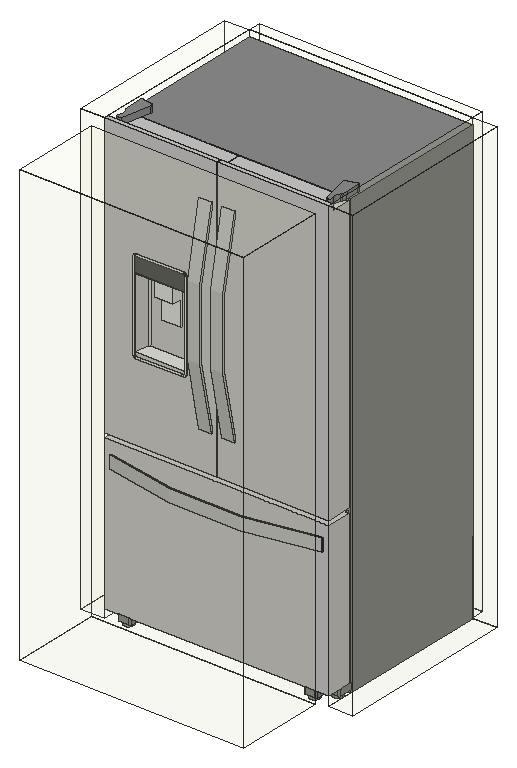
Revit family "WRF954CIHZ-014c_Refrigeration_French_Door", category Specialty Equipment, Revit 2026
Family settings
  Round Connector Dimension = Use Diameter
  Part Type = Normal
  Work Plane-Based = No
  Enable Cutting in Views = No
  Always vertical = Yes
  Cut with Voids When Loaded = No
  Maintain Annotation Orientation = No
  Shared = No
  Room Calculation Point = No
Parameters (values of type "WRF954CIHZ")
  Width = 35 13/16"
  Warranty Duration (Years) = "Five year limited"
  Voltage = 120 V
  URL = "https://www.whirlpool.com/kitchen/refrigeration/refrigerators/french-door/p.36-inch-wide-counter-depth-french-door-refrigerator-24-cu.-ft.wrf954cihz.html"
  Specification = ""
  SpecWizard = ""
  Show Clearance [instance] = yes
  Send Message = ""
  Sales Information = "https://www.whirlpool.com/kitchen/refrigeration/refrigerators/french-door/p.36-inch-wide-counter-depth-french-door-refrigerator-24-cu.-ft.wrf954cihz.html"
  Product Data = "https://www.whirlpool.com/content/dam/global/documents/201710/specification-sheet-WR170102C.pdf"
  Model = "WRF954CIHZ"
  Manufacturer Website = ""
  Manufacturer Phone - Toll Free = ""
  Manufacturer Phone = ""
  Manufacturer Fax = ""
  Manufacturer Email = ""
  Manufacturer Address = ""
  Manufacturer = "Whirlpool"
  Maintenance Schedule (Months) = "NA"
  Leg Material = ARCAT - Metal - Steel - Black
  Installation-Fabrication = "https://www.whirlpool.com/content/dam/global/documents/201809/use-and-care-w10913493-revE.pdf"
  Installation Phase = "NA"
  Height = 71 7/8"
  Handle Material = ARCAT - Metal - Steel - Grey
  HW size = 0"
  Family Name = "Freestanding Refrigerator"
  Expected Lifespan (Years) = "NA"
  Exhaust size = 0"
  Drawn By = ""
  Drain size = 0"
  Door Material = ARCAT - Metal - Steel - Stainless
  Display Panel Material = ARCAT - Glass - Black
  Description = "Whirlpool® 36-inch Wide Counter Depth French Door Refrigerator"
  Depth = 31 1/2"
  Default Elevation = 0"
  Copyright = ""
  Clearance Material = ARCAT - Clearance
  CW size = 0"
  Body Material = ARCAT - Metal - Steel - Black
  Apparent Load = 0 VA
  Amps = 15 A
Reference planes (in)
  plane 1 "Center (Front/Back)": y = 0
  plane 2: z = 0
  plane 3 "Center (Left/Right)": x = 0
  plane 4: x = -17.90625
  plane 5: x = 17.90625
  plane 6: y = -33.5
  plane 7: z = 71.875
  plane 8: y = -2
Forms (in)
  Extrusion 1, solid, material "ARCAT - Metal - Steel - Black" <- "Body Material"
    sketch origin (0, -2, 0) x (1, 0, 0) y (0, 1, 0)
      loop
        line (-17.90625, -0.125) -> (-17.90625, -24.375) -> (17.90625, -24.375) -> (17.90625, -0.125) -> (-17.90625, -0.125)
    from 0 to 70.875
  Extrusion 2, solid, material "ARCAT - Metal - Steel - Stainless" <- "Door Material"
    sketch origin (0, -2, 0) x (1, 0, 0) y (0, 1, 0)
      loop
        line (-17.90625, -28.875) -> (17.90625, -28.875) -> (17.90625, -24.875) -> (17.40625, -24.875) -> (17.40625, -24.375) -> (-17.40625, -24.375) -> (-17.40625, -24.875) -> (-17.90625, -24.875) -> (-17.90625, -28.875)
    from 1.5 to 26
  Extrusion 3, solid, material "ARCAT - Metal - Steel - Stainless" <- "Door Material"
    sketch origin (0, -2, 24.5) x (1, 0, 0) y (0, 1, 0)
      loop
        line (-17.90625, -28.875) -> (-0.04198, -28.875) -> (-0.04198, -24.45374) -> (-17.40625, -24.45374) -> (-17.40625, -24.875) -> (-17.90625, -24.875) -> (-17.90625, -28.875)
      loop
        line (17.40625, -24.45374) -> (0.03676, -24.45374) -> (0.03676, -28.875) -> (17.90625, -28.875) -> (17.90625, -24.875) -> (17.40625, -24.875) -> (17.40625, -24.45374)
    from 2.25 to 46.375
  Extrusion 4, solid, material "ARCAT - Metal - Steel - Grey" <- "Handle Material"
    sketch origin (0, -2, 0) x (1, 0, 0) y (0, 1, 0)
      loop
        arc (-16.92791, -29.11879) -> (0, -31.5) -> (16.92791, -29.11879) r 61.3604
        arc (16.92791, -29.11879) -> (16.99365, -29.07359) -> (17.01895, -28.99793) r 0.12574
        line (17.01895, -28.99793) -> (17.01895, -28.875) -> (16.87109, -28.875)
        arc (16.87109, -28.875) -> (0, -31.25) -> (-16.87109, -28.875) r 61.1104
        line (-16.87109, -28.875) -> (-17.01895, -28.875) -> (-17.01895, -28.99793)
        arc (-17.01895, -28.99793) -> (-16.99365, -29.07359) -> (-16.92791, -29.11879) r 0.12574
    from 22 to 24
  Extrusion 5, solid, material "ARCAT - Metal - Steel - Grey" <- "Handle Material"
    sketch origin (0, -2, 0) x (0, 1, 0) y (0, 0, 1)
      loop
        arc (-28.875, 65.875) -> (-31.5024, 49.21028) -> (-28.875, 32.54555) r 54.16303
        line (-28.875, 32.54555) -> (-28.875, 33.37696)
        arc (-28.875, 33.37696) -> (-31.2524, 49.21028) -> (-28.875, 65.0436) r 53.91303
        line (-28.875, 65.0436) -> (-28.875, 65.875)
    from 0.83523 to 2.83523
  Extrusion 6, solid, material "ARCAT - Metal - Steel - Grey" <- "Handle Material"
    sketch origin (0, -2, 0) x (0, 1, 0) y (0, 0, -1)
      loop
        line (-28.875, -65.875) -> (-28.875, -65.0436)
        arc (-28.875, -65.0436) -> (-31.2524, -49.21028) -> (-28.875, -33.37696) r 53.91303
        line (-28.875, -33.37696) -> (-28.875, -32.54555)
        arc (-28.875, -32.54555) -> (-31.5024, -49.21028) -> (-28.875, -65.875) r 54.16303
    from 0.83523 to 2.83523
  Extrusion 7, solid, material "ARCAT - Glass - Black" <- "Display Panel Material"
    sketch origin (-27.61051, -30.875, 49.9075) x (-1, 0, 0) y (0, 0, 1)
      loop
        line (-14.72929, 4.30278) -> (-22.27528, 4.30278)
        arc (-22.27528, 4.30278) -> (-22.62883, 4.15634) -> (-22.77528, 3.80278) r 0.5
        line (-22.77528, 3.80278) -> (-22.77528, -10.19722)
        arc (-22.77528, -10.19722) -> (-22.62883, -10.55077) -> (-22.27528, -10.69722) r 0.5
        line (-22.27528, -10.69722) -> (-14.72929, -10.69722)
        arc (-14.72929, -10.69722) -> (-14.37574, -10.55077) -> (-14.22929, -10.19722) r 0.5
        line (-14.22929, -10.19722) -> (-14.22929, 3.80278)
        arc (-14.22929, 3.80278) -> (-14.37574, 4.15634) -> (-14.72929, 4.30278) r 0.5
      loop
        line (-14.72929, 4.05278) -> (-22.27528, 4.05278)
        arc (-22.27528, 4.05278) -> (-22.45206, 3.97956) -> (-22.52528, 3.80278) r 0.25
        line (-22.52528, 3.80278) -> (-22.52528, -10.19722)
        arc (-22.52528, -10.19722) -> (-22.45206, -10.37399) -> (-22.27528, -10.44722) r 0.25
        line (-22.27528, -10.44722) -> (-14.72929, -10.44722)
        arc (-14.72929, -10.44722) -> (-14.55251, -10.37399) -> (-14.47929, -10.19722) r 0.25
        line (-14.47929, -10.19722) -> (-14.47929, 3.80278)
        arc (-14.47929, 3.80278) -> (-14.55251, 3.97956) -> (-14.72929, 4.05278) r 0.25
    from 0 to -0.0625
  Extrusion 8, void
    sketch origin (-0.02019, -2, 0) x (1, 0, 0) y (0, 1, 0)
      loop
        line (-13.11103, -28.875) -> (-5.06504, -28.875) -> (-5.34276, -26.61317)
        arc (-5.34276, -26.61317) -> (-5.42524, -26.4564) -> (-5.5909, -26.39363) r 0.25
        line (-5.5909, -26.39363) -> (-12.58518, -26.39363)
        arc (-12.58518, -26.39363) -> (-12.75083, -26.4564) -> (-12.83331, -26.61317) r 0.25
        line (-12.83331, -26.61317) -> (-13.11103, -28.875)
    from 39.99552 to 51.39588
  Extrusion 9, solid, material "ARCAT - Metal - Steel - Black" <- "Leg Material"
    sketch origin (0, -2, 0) x (1, 0, 0) y (0, 1, 0)
      loop
        line (-17.90625, -24.375) -> (-17.90625, -26.5)
        arc (-17.90625, -26.5) -> (-17.83303, -26.67678) -> (-17.65625, -26.75) r 0.25
        line (-17.65625, -26.75) -> (-16.15625, -26.75)
        arc (-16.15625, -26.75) -> (-15.97947, -26.82322) -> (-15.90625, -27) r 0.25
        line (-15.90625, -27) -> (-15.90625, -28.625)
        arc (-15.90625, -28.625) -> (-15.83303, -28.80178) -> (-15.65625, -28.875) r 0.25
        line (-15.65625, -28.875) -> (-14.15625, -28.875)
        arc (-14.15625, -28.875) -> (-13.97947, -28.80178) -> (-13.90625, -28.625) r 0.25
        line (-13.90625, -28.625) -> (-13.90625, -24.375) -> (-17.90625, -24.375)
    from 0.5 to 1.5
  Extrusion 10, solid, material "ARCAT - Metal - Steel - Black" <- "Leg Material"
    sketch origin (0, -2, 0) x (1, 0, 0) y (0, 1, 0)
      loop
        circle (-14.90625, -27.9375) r 0.75
      loop
        circle (-16.96875, -25.8125) r 0.75
    from 0 to 0.5
  Extrusion 11, solid, material "ARCAT - Metal - Steel - Black" <- "Leg Material"
    sketch origin (0, -2, 0) x (-1, 0, 0) y (0, -1, 0)
      loop
        line (-17.90625, 24.375) -> (-13.90625, 24.375) -> (-13.90625, 28.625)
        arc (-13.90625, 28.625) -> (-13.97947, 28.80178) -> (-14.15625, 28.875) r 0.25
        line (-14.15625, 28.875) -> (-15.65625, 28.875)
        arc (-15.65625, 28.875) -> (-15.83303, 28.80178) -> (-15.90625, 28.625) r 0.25
        line (-15.90625, 28.625) -> (-15.90625, 27)
        arc (-15.90625, 27) -> (-15.97947, 26.82322) -> (-16.15625, 26.75) r 0.25
        line (-16.15625, 26.75) -> (-17.65625, 26.75)
        arc (-17.65625, 26.75) -> (-17.83303, 26.67678) -> (-17.90625, 26.5) r 0.25
        line (-17.90625, 26.5) -> (-17.90625, 24.375)
    from 0.5 to 1.5
  Extrusion 12, solid, material "ARCAT - Metal - Steel - Black" <- "Leg Material"
    sketch origin (0, -2, 0) x (-1, 0, 0) y (0, -1, 0)
      loop
        circle (-14.90625, 27.9375) r 0.75
      loop
        circle (-16.96875, 25.8125) r 0.75
    from 0 to 0.5
  Extrusion 13, solid, material "ARCAT - Metal - Steel - Stainless" <- "Door Material"
    sketch origin (0, -2, 0) x (1, 0, 0) y (0, 1, 0)
      loop
        line (-17.90625, -28.875) -> (-0.04198, -28.875) -> (-0.04198, -28.125) -> (-17.90625, -28.125) -> (-17.90625, -28.875)
      loop
        line (17.90625, -28.125) -> (0.03676, -28.125) -> (0.03676, -28.875) -> (17.90625, -28.875) -> (17.90625, -28.125)
    from 70.875 to 71.875
  Extrusion 14, solid, material "ARCAT - Metal - Steel - Black" <- "Body Material"
    sketch origin (19.92644, -2.125, 48) x (-1, 0, 0) y (0, 0, 1)
      loop
        line (2.02019, 22.875) -> (2.02019, -36) -> (3.02019, -36) -> (3.02019, 21.875) -> (36.83269, 21.875) -> (36.83269, -36) -> (37.83269, -36) -> (37.83269, 22.875) -> (2.02019, 22.875)
    from 0 to 0.125
  Extrusion 15, solid, material "ARCAT - Metal - Steel - Black" <- "Body Material"
    sketch origin (-24.53544, -182, 71.875) x (-1, 0, 0) y (0, -1, 0)
      loop
        line (-25.15355, -179.875) -> (-24.53544, -180) -> (-23.91733, -179.875) -> (-25.15355, -179.875)
    from -2 to -71.875
  Extrusion 16, solid, material "ARCAT - Metal - Steel - Black" <- "Body Material"
    sketch origin (-17.90625, -2.125, 0) x (1, 0, 0) y (0, 0, -1)
      loop
        arc (35.78875, -12) -> (35.80554, -11.99304) -> (35.8125, -11.97625) r 0.02375
        line (35.8125, -11.97625) -> (35.8125, 0) -> (18.52436, 0) -> (18.52436, -12.40323) -> (34.64611, -12.40323)
        arc (34.64611, -12.40323) -> (34.66353, -12.39602) -> (34.67075, -12.37859) r 0.02464
        line (34.67075, -12.37859) -> (34.67075, -12.02344)
        arc (34.67075, -12.02344) -> (34.67762, -12.00686) -> (34.69419, -12) r 0.02344
        line (34.69419, -12) -> (35.78875, -12)
      loop
        line (0, 0) -> (0, -11.97625)
        arc (0, -11.97625) -> (0.00696, -11.99304) -> (0.02375, -12) r 0.02375
        line (0.02375, -12) -> (1.11831, -12)
        arc (1.11831, -12) -> (1.13488, -12.00686) -> (1.14175, -12.02344) r 0.02344
        line (1.14175, -12.02344) -> (1.14175, -12.37859)
        arc (1.14175, -12.37859) -> (1.14897, -12.39602) -> (1.16639, -12.40323) r 0.02464
        line (1.16639, -12.40323) -> (17.28814, -12.40323) -> (17.28814, 0) -> (0, 0)
    from 0 to 0.0625
  Extrusion 17, solid, material "ARCAT - Metal - Steel - Black" <- "Body Material"
    sketch origin (-17.90625, -2.125, 29.25) x (1, 0, 0) y (0, 0, -1)
      loop
        arc (33.8125, -12.40323) -> (34.51961, -12.11034) -> (34.8125, -11.40323) r 1
        line (34.8125, -11.40323) -> (34.8125, -0.40323)
        arc (34.8125, -0.40323) -> (34.51961, 0.30387) -> (33.8125, 0.59677) r 1
        line (33.8125, 0.59677) -> (24.8125, 0.59677)
        arc (24.8125, 0.59677) -> (24.10539, 0.30387) -> (23.8125, -0.40323) r 1
        line (23.8125, -0.40323) -> (23.8125, -11.40323)
        arc (23.8125, -11.40323) -> (24.10539, -12.11034) -> (24.8125, -12.40323) r 1
        line (24.8125, -12.40323) -> (33.8125, -12.40323)
    from 0 to 0.0625
  Extrusion 18, void
    sketch origin (-17.90625, -2.125, 0) x (-1, 0, 0) y (0, 0, -1)
      loop
        line (-4.17709, -7.80229) -> (-1.67709, -7.80229) -> (-1.67709, -5.05229) -> (-4.17709, -5.05229) -> (-4.17709, -7.80229)
    from -0.125 to 1.8721
  Extrusion 19, solid, material "ARCAT - Metal - Steel - Black" <- "Body Material"
    sketch origin (-17.90625, -2.0625, 0) x (1, 0, 0) y (0, 0, -1)
      loop
        circle (27.08085, -11.70577) r 0.25
    from 0 to 0.03125
  Blend 20, solid, material "ARCAT - Metal - Steel - Black" <- "Body Material"
    base sketch origin (-16.81408, -2.0625, -0.25) x (1, 0, 0) y (0, 0, -1)
      loop
        arc (14.99597, -11.01586) -> (15.8445, -10.66438) -> (16.19597, -9.81586) r 1.2
        line (16.19597, -9.81586) -> (16.19597, -3.34086)
        arc (16.19597, -3.34086) -> (15.8445, -2.49233) -> (14.99597, -2.14086) r 1.2
        line (14.99597, -2.14086) -> (9.39597, -2.14086)
        arc (9.39597, -2.14086) -> (8.54745, -2.49233) -> (8.19597, -3.34086) r 1.2
        line (8.19597, -3.34086) -> (8.19597, -9.81586)
        arc (8.19597, -9.81586) -> (8.54745, -10.66438) -> (9.39597, -11.01586) r 1.2
        line (9.39597, -11.01586) -> (14.99597, -11.01586)
    top sketch origin (-16.81408, -2.0625, -0.25) x (1, 0, 0) y (0, 0, -1)
      loop
        line (15.19597, -9.51586) -> (15.19597, -3.64086)
        arc (15.19597, -3.64086) -> (15.04953, -3.2873) -> (14.69597, -3.14086) r 0.5
        line (14.69597, -3.14086) -> (9.69597, -3.14086)
        arc (9.69597, -3.14086) -> (9.34242, -3.2873) -> (9.19597, -3.64086) r 0.5
        line (9.19597, -3.64086) -> (9.19597, -9.51586)
        arc (9.19597, -9.51586) -> (9.34242, -9.86941) -> (9.69597, -10.01586) r 0.5
        line (9.69597, -10.01586) -> (14.69597, -10.01586)
        arc (14.69597, -10.01586) -> (15.04953, -9.86941) -> (15.19597, -9.51586) r 0.5
    from 0 to 0.0625
  Extrusion 21, solid, material "ARCAT - Glass - Black" <- "Display Panel Material"
    sketch origin (-17.90625, -30.875, 24.5) x (1, 0, 0) y (0, 0, 1)
      loop
        line (4.79522, 26.89588) -> (12.81841, 26.89588) -> (12.81841, 29.21028)
        arc (12.81841, 29.21028) -> (12.74518, 29.38705) -> (12.56841, 29.46028) r 0.25
        line (12.56841, 29.46028) -> (5.04522, 29.46028)
        arc (5.04522, 29.46028) -> (4.86844, 29.38705) -> (4.79522, 29.21028) r 0.25
        line (4.79522, 29.21028) -> (4.79522, 26.89588)
    from 0 to 0.0625
  Extrusion 22, solid, material "ARCAT - Clearance" <- "Clearance Material", visible <- "Show Clearance", detail levels medium+fine
    sketch origin (-24.53544, -182, 71.875) x (-1, 0, 0) y (0, -1, 0)
      loop
        line (-6.62919, -148.5) -> (-6.62919, -134.125) -> (-42.44169, -134.125) -> (-42.44169, -148.5) -> (-6.62919, -148.5)
    from 0 to -70.375
  Extrusion 23, solid, material "ARCAT - Metal - Steel - Black" <- "Body Material"
    sketch origin (0.40775, -2.73447, 70.875) x (1, 0, 0) y (0, 1, 0)
      loop
        arc (-17.51354, -21.39842) -> (-17.75419, -21.45093) -> (-17.86177, -21.6725) r 0.28197
        line (-17.86177, -21.6725) -> (-17.86177, -23.92511)
        arc (-17.86177, -23.92511) -> (-17.83722, -24.28246) -> (-17.76403, -24.6331) r 2.61317
        arc (-17.76403, -24.6331) -> (-17.70066, -24.78883) -> (-17.60425, -24.92658) r 0.75155
        arc (-17.60425, -24.92658) -> (-17.32156, -25.59776) -> (-17.50143, -26.30348) r 1.14347
        arc (-17.50143, -26.30348) -> (-17.33794, -26.87936) -> (-16.78806, -26.64274) r 0.39831
        line (-16.78806, -26.64274) -> (-15.82015, -22.08907)
        arc (-15.82015, -22.08907) -> (-15.85727, -21.8807) -> (-16.02917, -21.75722) r 0.28125
        line (-16.02917, -21.75722) -> (-17.51354, -21.39842)
    from 0 to 1
  Extrusion 24, solid, material "ARCAT - Metal - Steel - Black" <- "Body Material"
    sketch origin (-0.40775, -2.73447, 70.875) x (-1, 0, 0) y (0, -1, 0)
      loop
        line (-17.51354, 21.39842) -> (-16.02917, 21.75722)
        arc (-16.02917, 21.75722) -> (-15.85727, 21.8807) -> (-15.82015, 22.08907) r 0.28125
        line (-15.82015, 22.08907) -> (-16.78806, 26.64274)
        arc (-16.78806, 26.64274) -> (-17.33794, 26.87936) -> (-17.50143, 26.30348) r 0.39831
        arc (-17.50143, 26.30348) -> (-17.32156, 25.59776) -> (-17.60425, 24.92658) r 1.14347
        arc (-17.60425, 24.92658) -> (-17.70066, 24.78883) -> (-17.76403, 24.6331) r 0.75155
        arc (-17.76403, 24.6331) -> (-17.83722, 24.28246) -> (-17.86177, 23.92511) r 2.61317
        line (-17.86177, 23.92511) -> (-17.86177, 21.6725)
        arc (-17.86177, 21.6725) -> (-17.75419, 21.45093) -> (-17.51354, 21.39842) r 0.28197
    from 0 to 1
  Extrusion 25, solid, material "ARCAT - Clearance" <- "Clearance Material", visible <- "Show Clearance", detail levels medium+fine
    sketch origin (-28.44169, -182, 71.875) x (-1, 0, 0) y (0, -1, 0)
      loop
        line (-6.62919, -151.125) -> (-10.53544, -151.125) -> (-10.53544, -180) -> (-6.62919, -180) -> (-6.62919, -151.125)
      loop
        line (-50.25419, -151.125) -> (-50.25419, -180) -> (-46.34794, -180) -> (-46.34794, -151.125) -> (-50.25419, -151.125)
    from 0 to -71.875
  Extrusion 26, solid, material "ARCAT - Clearance" <- "Clearance Material", visible <- "Show Clearance", detail levels medium+fine
    sketch origin (-24.53544, -148.5, 71.875) x (-1, 0, 0) y (0, -1, 0)
      loop
        line (-6.62919, -148.5) -> (-6.62919, -146.5) -> (-42.44169, -146.5) -> (-42.44169, -148.5) -> (-6.62919, -148.5)
    from 0 to -71.875
  Extrusion 27, solid, material "ARCAT - Metal - Steel - Black" <- "Body Material"
    sketch origin (-7.60823, -28.39363, 51.39588) x (0, -1, 0) y (0, 0, -1)
      loop
        line (1.73137, 0) -> (1.73137, 2.88309) -> (0.25, 2.88309) -> (0.25, 6.88309) -> (0, 6.88309) -> (0, 0) -> (1.73137, 0)
    from 0 to -3
Cuts and joins
  Extrusion 8 cuts Extrusion 2
  Extrusion 8 cuts Extrusion 3
  joined: Extrusion 3, Extrusion 13
  Extrusion 18 cuts Extrusion 1
  joined: Extrusion 1, Extrusion 14
  Extrusion 18 cuts Extrusion 16
Lines and regions (in)
  Split face 1
    outline origin (-17.90625, -30.875, 70.875) x (0, 0, -1) y (1, 0, 0)
      loop
        line (30.87948, 4.77503) -> (31.16472, 4.77503)
        arc (31.16472, 4.77503) -> (31.3415, 4.84825) -> (31.41472, 5.02503) r 0.25
        line (31.41472, 5.02503) -> (31.41472, 12.57102)
        arc (31.41472, 12.57102) -> (31.3415, 12.74779) -> (31.16472, 12.82102) r 0.25
        line (31.16472, 12.82102) -> (30.87948, 12.82102) -> (30.87948, 4.77503)
  model lines
    curve 1: line (15.21757, -2.0625, 10.06619) -> (0.61811, -2.0625, 10.06619)
    curve 2: line (15.21757, -2.0625, 2.06619) -> (15.21757, -2.0625, 10.06619)
    curve 3: line (0.61811, -2.0625, 2.06619) -> (15.21757, -2.0625, 2.06619)
    curve 4: line (0.61811, -2.0625, 10.06619) -> (0.61811, -2.0625, 2.06619)
    curve 5: line (-10.64822, -2.0625, 10.78736) -> (-16.39822, -2.0625, 10.78736)
    curve 6: line (-10.64822, -2.0625, 2.06722) -> (-10.64822, -2.0625, 10.78736)
    curve 7: line (-16.39822, -2.0625, 9.56619) -> (-13.14822, -2.0625, 9.56619)
    curve 8: line (-16.39822, -2.0625, 10.78736) -> (-16.39822, -2.0625, 9.56619)
    curve 9: line (-16.39822, -2.0625, 3.28839) -> (-13.14822, -2.0625, 3.28839)
    curve 10: line (-13.14822, -2.0625, 9.56619) -> (-13.14822, -2.0625, 3.28839)
    curve 11: line (-13.89822, -2.0625, 2.06722) -> (-16.39822, -2.0625, 2.06722)
    curve 12: line (-16.39822, -2.0625, 3.28839) -> (-16.39822, -2.0625, 2.06722)
    curve 13: line (-13.89822, -2.0625, 2.06722) -> (-13.89822, -2.0625, 1.06722)
    curve 14: line (-13.89822, -2.0625, 1.06722) -> (-10.64822, -2.0625, 1.06722)
    curve 15: line (-10.64822, -2.0625, 1.06722) -> (-10.64822, -2.0625, 2.06722)
    curve 30: line (-17.90625, -4.125, 6.5) -> (-17.90625, -8.875, 6.5)
    curve 31: line (-17.90625, -4.125, 2) -> (-17.90625, -4.125, 6.5)
    curve 32: line (-17.90625, -8.875, 2) -> (-17.90625, -4.125, 2)
    curve 33: line (-17.90625, -8.875, 6.5) -> (-17.90625, -8.875, 2)
    curve 34: line (-17.90625, -4.375, 6.25) -> (-17.90625, -8.625, 6.25)
    curve 35: line (-17.90625, -4.375, 2.25) -> (-17.90625, -4.375, 6.25)
    curve 36: line (-17.90625, -8.625, 2.25) -> (-17.90625, -4.375, 2.25)
    curve 37: line (-17.90625, -8.625, 6.25) -> (-17.90625, -8.625, 2.25)
    curve 38: line (-17.90625, -4.625, 5.89718) -> (-17.90625, -8.375, 5.89718)
    curve 39: line (-17.90625, -4.625, 5.60282) -> (-17.90625, -4.625, 5.89718)
    curve 40: line (-17.90625, -8.375, 5.60282) -> (-17.90625, -4.625, 5.60282)
    curve 41: line (-17.90625, -8.375, 5.89718) -> (-17.90625, -8.375, 5.60282)
    curve 42: line (-17.90625, -4.625, 5.39718) -> (-17.90625, -8.375, 5.39718)
    curve 43: line (-17.90625, -4.625, 5.10282) -> (-17.90625, -4.625, 5.39718)
    curve 44: line (-17.90625, -8.375, 5.10282) -> (-17.90625, -4.625, 5.10282)
    curve 45: line (-17.90625, -8.375, 5.39718) -> (-17.90625, -8.375, 5.10282)
    curve 46: line (-17.90625, -4.625, 4.89718) -> (-17.90625, -8.375, 4.89718)
    curve 47: line (-17.90625, -4.625, 4.60282) -> (-17.90625, -4.625, 4.89718)
    curve 48: line (-17.90625, -8.375, 4.60282) -> (-17.90625, -4.625, 4.60282)
    curve 49: line (-17.90625, -8.375, 4.89718) -> (-17.90625, -8.375, 4.60282)
    curve 50: line (-17.90625, -4.625, 4.39718) -> (-17.90625, -8.375, 4.39718)
    curve 51: line (-17.90625, -4.625, 4.10282) -> (-17.90625, -4.625, 4.39718)
    curve 52: line (-17.90625, -8.375, 4.10282) -> (-17.90625, -4.625, 4.10282)
    curve 53: line (-17.90625, -8.375, 4.39718) -> (-17.90625, -8.375, 4.10282)
    curve 54: line (-17.90625, -4.625, 3.89718) -> (-17.90625, -8.375, 3.89718)
    curve 55: line (-17.90625, -4.625, 3.60282) -> (-17.90625, -4.625, 3.89718)
    curve 56: line (-17.90625, -8.375, 3.60282) -> (-17.90625, -4.625, 3.60282)
    curve 57: line (-17.90625, -8.375, 3.89718) -> (-17.90625, -8.375, 3.60282)
    curve 58: line (-17.90625, -4.625, 3.39718) -> (-17.90625, -8.375, 3.39718)
    curve 59: line (-17.90625, -4.625, 3.10282) -> (-17.90625, -4.625, 3.39718)
    curve 60: line (-17.90625, -8.375, 3.10282) -> (-17.90625, -4.625, 3.10282)
    curve 61: line (-17.90625, -8.375, 3.39718) -> (-17.90625, -8.375, 3.10282)
    curve 62: line (-17.90625, -4.625, 2.89718) -> (-17.90625, -8.375, 2.89718)
    curve 63: line (-17.90625, -4.625, 2.60282) -> (-17.90625, -4.625, 2.89718)
    curve 64: line (-17.90625, -8.375, 2.60282) -> (-17.90625, -4.625, 2.60282)
    curve 65: line (-17.90625, -8.375, 2.89718) -> (-17.90625, -8.375, 2.60282)
  symbolic lines, style "SpecialityEquipment"
    curve 16: line (-17.90625, -2, 71.875) -> (17.90625, -2, 71.875)
    curve 17: line (-17.90625, -30.875, 71.875) -> (-17.90625, -2, 71.875)
    curve 18: line (17.90625, -30.875, 71.875) -> (-17.90625, -30.875, 71.875)
    curve 19: line (17.90625, -2, 71.875) -> (17.90625, -30.875, 71.875)
    curve 20: arc (-16.92791, -31.11879, 71.875) -> (0, -33.5, 71.875) -> (16.92791, -31.11879, 71.875) r 61.3604
    curve 21: arc (16.92791, -31.11879, 71.875) -> (16.99365, -31.07359, 71.875) -> (17.01895, -30.99793, 71.875) r 0.12574
    curve 22: line (17.01895, -30.99793, 71.875) -> (17.01895, -30.875, 71.875)
    curve 23: line (-17.01895, -30.875, 71.875) -> (-17.01895, -30.99793, 71.875)
    curve 24: arc (-17.01895, -30.99793, 71.875) -> (-16.99365, -31.07359, 71.875) -> (-16.92791, -31.11879, 71.875) r 0.12574
    curve 25: line (-0.83523, -33.24429, 71.875) -> (-0.83523, -30.875, 71.875)
    curve 26: line (-2.83523, -30.875, 71.875) -> (-2.83523, -33.18419, 71.875)
    curve 27: line (0.83523, -33.24429, 71.875) -> (0.83523, -30.875, 71.875)
    curve 28: line (2.83523, -30.875, 71.875) -> (2.83523, -33.18419, 71.875)
    curve 29: arc (16.87109, -30.875, 71.875) -> (0, -33.25, 71.875) -> (-16.87109, -30.875, 71.875) r 61.1104
Dimensions and locks (in)
  equal spacing: plane 4, plane 3 "Center (Left/Right)", plane 5
  "Width": plane 4 to plane 5
  "Height": plane 7 to level
  "Depth": plane 8 to plane 6
  aligned and locked: plane 2 to level
Automatic sketch dimensions
  Extrusion 1 sketch curve to plane 4 = 0"
  Extrusion 1 sketch curve to plane 5 = 0"
  plane 6 to Extrusion 1 sketch curve = 7 1/8"
  Extrusion 1 sketch curve to plane 8 = 1/8"
  Extrusion 2 sketch curve to plane 4 = 0"
  Extrusion 2 sketch curve to plane 5 = 0"
  plane 4 to Extrusion 2 sketch curve = 1/2"
  plane 5 to Extrusion 2 sketch curve = 1/2"
  plane 6 to Extrusion 2 sketch curve = 2 5/8"
  Extrusion 2 sketch curve to Extrusion 2 sketch curve = 4"  (x2)
  Extrusion 2 sketch curve to Extrusion 2 sketch curve = 1/2"
  Extrusion 4 sketch curve to Extrusion 4 sketch curve = 0"  (x3)
  Extrusion 4 sketch curve to plane 3 "Center (Left/Right)" = 0"
  plane 4 to Extrusion 4 sketch curve = 1 9/256"
  Extrusion 4 sketch curve to Extrusion 4 sketch curve = 0.02213"  (x2)
  Extrusion 4 sketch curve to Extrusion 4 sketch curve = 0.12574"
  plane 5 to Extrusion 4 sketch curve = 1 9/256"
  Extrusion 4 sketch curve to Extrusion 4 sketch curve = 0.14786"
  plane 6 to Extrusion 4 sketch curve = 2.50207"  (x2)
  Extrusion 4 sketch curve to Extrusion 4 sketch curve = 0.12293"
  Extrusion 4 sketch curve to plane 1 "Center (Front/Back)" = 27.8604"
  Extrusion 5 sketch curve to Extrusion 5 sketch curve = 0"  (x2)
  plane 6 to Extrusion 5 sketch curve = 2 5/8"  (x2)
  Extrusion 5 sketch curve to plane 1 "Center (Front/Back)" = 20.66062"
  level to Extrusion 5 sketch curve = 32.54555"
  Extrusion 5 sketch curve to Extrusion 5 sketch curve = 0.8314"
  Extrusion 5 sketch curve to plane 7 = 22.66472"
  Extrusion 6 sketch curve to Extrusion 6 sketch curve = 0"  (x2)
  plane 6 to Extrusion 6 sketch curve = 2 5/8"  (x2)
  Extrusion 6 sketch curve to plane 1 "Center (Front/Back)" = 20.66062"
  Extrusion 6 sketch curve to plane 7 = 6"
  Extrusion 6 sketch curve to Extrusion 6 sketch curve = 0.8314"
  level to Extrusion 6 sketch curve = 49.21028"
  Extrusion 7 sketch curve to Extrusion 7 sketch curve = 0"  (x8)
  Extrusion 7 sketch curve to plane 3 "Center (Left/Right)" = 4.83523"
  Extrusion 7 sketch curve to Extrusion 7 sketch curve = 1/4"  (x4)
  plane 4 to Extrusion 7 sketch curve = 5.02503"  (x2)
  Extrusion 7 sketch curve to plane 7 = 32.66472"
  Extrusion 7 sketch curve to Extrusion 7 sketch curve = 14"
  plane 4 to Extrusion 8 sketch curve = 4.77503"
  Extrusion 8 sketch curve to Extrusion 8 sketch curve = 0.27772"  (x2)
  Extrusion 8 sketch curve to Extrusion 8 sketch curve = 0.24814"  (x2)
  Extrusion 8 sketch curve to plane 3 "Center (Left/Right)" = 5.61109"
  plane 6 to Extrusion 8 sketch curve = 2 5/8"
  Extrusion 8 sketch curve to Extrusion 8 sketch curve = 2.23137"  (x2)
  Extrusion 8 sketch curve to Extrusion 8 sketch curve = 0.03047"
  Extrusion 9 sketch curve to plane 4 = 0"
  Extrusion 9 sketch curve to Extrusion 9 sketch curve = 1/4"  (x3)
  Extrusion 9 sketch curve to Extrusion 9 sketch curve = 1 1/2"  (x2)
  Extrusion 9 sketch curve to Extrusion 9 sketch curve = 2 1/4"
  plane 6 to Extrusion 9 sketch curve = 2 5/8"
  Extrusion 9 sketch curve to Extrusion 9 sketch curve = 1 5/8"
  Extrusion 9 sketch curve to Extrusion 9 sketch curve = 2 3/8"
  plane 4 to Extrusion 10 sketch curve = 15/16"
  Extrusion 10 sketch curve to Extrusion 10 sketch curve = 2 1/16"
  plane 6 to Extrusion 10 sketch curve = 3 9/16"
  Extrusion 10 sketch curve to Extrusion 10 sketch curve = 2 1/8"
  Extrusion 11 sketch curve to plane 5 = 0"
  Extrusion 11 sketch curve to plane 5 = 1/4"
  Extrusion 11 sketch curve to Extrusion 11 sketch curve = 1 1/2"  (x2)
  Extrusion 11 sketch curve to Extrusion 11 sketch curve = 1/4"  (x2)
  Extrusion 11 sketch curve to Extrusion 11 sketch curve = 2 1/4"
  Extrusion 11 sketch curve to plane 6 = 2 5/8"
  Extrusion 11 sketch curve to Extrusion 11 sketch curve = 1 5/8"
  Extrusion 11 sketch curve to Extrusion 11 sketch curve = 2 3/8"
  Extrusion 12 sketch curve to plane 5 = 15/16"
  Extrusion 12 sketch curve to Extrusion 12 sketch curve = 2 1/16"
  Extrusion 12 sketch curve to plane 6 = 3 9/16"
  Extrusion 12 sketch curve to Extrusion 12 sketch curve = 2 1/8"
  Extrusion 14 sketch curve to plane 5 = 0"
  plane 4 to Extrusion 14 sketch curve = 0"
  plane 5 to Extrusion 14 sketch curve = 1"
  Extrusion 14 sketch curve to Extrusion 14 sketch curve = 1"
  level to Extrusion 14 sketch curve = 12"  (x2)
  Extrusion 14 sketch curve to plane 7 = 2"
  Extrusion 14 sketch curve to plane 7 = 1"
  Extrusion 15 sketch curve to plane 3 "Center (Left/Right)" = 0"
  Extrusion 15 sketch curve to plane 8 = 0"
  Extrusion 15 sketch curve to plane 8 = 1/8"
  plane 3 "Center (Left/Right)" to Extrusion 15 sketch curve = 0.61811"
  Extrusion 15 sketch curve to plane 3 "Center (Left/Right)" = 0.61811"
  Extrusion 1 to Extrusion 16 sketch curve = 0"
  Extrusion 16 sketch curve to Extrusion 1 = 0"  (x3)
  Extrusion 16 sketch curve to Extrusion 1 = 0.02375"  (x2)
  Extrusion 16 sketch curve to Extrusion 16 sketch curve = 1.09456"
  Extrusion 16 sketch curve to Extrusion 16 sketch curve = 3/128"  (x2)
  Extrusion 16 sketch curve to Extrusion 16 sketch curve = 0.02464"  (x2)
  Extrusion 16 sketch curve to Extrusion 1 = 17.28814"
  Extrusion 16 sketch curve to Extrusion 16 sketch curve = 1.23621"
  Extrusion 16 sketch curve to Extrusion 1 = 1.16639"
  Extrusion 16 sketch curve to Extrusion 16 sketch curve = 11.97625"  (x2)
  Extrusion 16 sketch curve to Extrusion 16 sketch curve = 0.35516"  (x2)
  Extrusion 17 sketch curve to Extrusion 1 = 12"
  Extrusion 17 sketch curve to Extrusion 17 sketch curve = 1"  (x2)
  Extrusion 17 sketch curve to Extrusion 1 = 2"  (x2)
  Extrusion 17 sketch curve to Extrusion 1 = 1"
  Extrusion 1 to Extrusion 17 sketch curve = 29.22177"
  Extrusion 17 sketch curve to Extrusion 17 sketch curve = 11"
  Extrusion 1 to Extrusion 18 sketch curve = 4.17709"
  Extrusion 1 to Extrusion 18 sketch curve = 1.67709"
  Extrusion 18 sketch curve to Extrusion 1 = 7.80229"
  Extrusion 18 sketch curve to Extrusion 18 sketch curve = 2 3/4"
  plane 5 to Extrusion 19 sketch curve = 8.73165"
  level to Extrusion 19 sketch curve = 11.70577"
  Extrusion 16 to curve 4 = 0"
  curve 6 to Extrusion 16 = 1.21264"
  curve 6 to Extrusion 16 = 6.11628"
  curve 9 to curve 6 = 2 1/2"
  curve 11 to curve 9 = 3/4"
  curve 12 to Extrusion 16 = 0.36628"
  curve 5 to Extrusion 16 = 0.36628"
  curve 2 to Extrusion 16 = 1.54693"
  curve 2 to Extrusion 16 = 1.93381"
  curve 10 to Extrusion 16 = 2.43381"
  curve 9 to Extrusion 16 = 3.28839"
  curve 9 to curve 12 = 1.22117"
  curve 6 to Extrusion 16 = 2.06722"
  curve 3 to Extrusion 16 = 2.06619"
  curve 6 to curve 14 = 1"
  Blend 20 sketch curve to plane 3 "Center (Left/Right)" = 8.61811"
  Blend 20 sketch curve to Blend 20 sketch curve = 1.2"  (x2)
  Blend 20 sketch curve to plane 3 "Center (Left/Right)" = 1.81811"  (x2)
  Blend 20 sketch curve to plane 3 "Center (Left/Right)" = 0.61811"
  level to Blend 20 sketch curve = 10.76586"
  level to Blend 20 sketch curve = 3.09086"
  Blend 20 sketch curve to plane 3 "Center (Left/Right)" = 7.61811"
  Blend 20 sketch curve to Blend 20 sketch curve = 1/2"  (x3)
  Blend 20 sketch curve to plane 3 "Center (Left/Right)" = 2.11811"  (x2)
  level to Blend 20 sketch curve = 9.76586"
  level to Blend 20 sketch curve = 3.39086"
  Extrusion 3 to Extrusion 21 sketch curve = 4.79522"
  Extrusion 21 sketch curve to Extrusion 21 sketch curve = 1/4"  (x2)
  Extrusion 3 to Extrusion 21 sketch curve = 19.47912"
  Extrusion 21 sketch curve to Extrusion 21 sketch curve = 2.31439"
  Extrusion 22 sketch curve to plane 5 = 0"
  Extrusion 22 sketch curve to plane 4 = 0"
  Extrusion 22 sketch curve to plane 6 = 0"
  Extrusion 22 sketch curve to plane 6 = 14 3/8"
  curve 20 to curve 29 = 0"  (x2)
  curve 16 to plane 5 = 0"
  curve 29 to plane 3 "Center (Left/Right)" = 0"
  curve 17 to plane 4 = 0"
  curve 16 to plane 8 = 0"
  plane 5 to curve 22 = 0.8873"
  curve 22 to curve 21 = 0.12574"
  plane 4 to curve 24 = 1.01303"
  curve 24 to curve 23 = 0.12574"
  curve 29 to plane 1 "Center (Front/Back)" = 27.8604"
  plane 6 to curve 19 = 2 5/8"
  curve 29 to curve 24 = 0.12293"
  curve 29 to curve 21 = 0.12293"
  curve 20 to curve 21 = 0"
  curve 21 to curve 29 = 0.02213"
  plane 3 "Center (Left/Right)" to curve 28 = 2.83523"
  plane 3 "Center (Left/Right)" to curve 27 = 0.83523"
  plane 6 to curve 25 = 0.25571"
  curve 25 to curve 26 = 2"
  Extrusion 23 sketch curve to plane 4 = 0.14786"
  plane 4 to Extrusion 23 sketch curve = 0.45223"
  Extrusion 23 sketch curve to Extrusion 23 sketch curve = 0.28197"
  Extrusion 23 sketch curve to Extrusion 23 sketch curve = 0.06625"
  plane 4 to Extrusion 23 sketch curve = 1.14712"
  Extrusion 23 sketch curve to Extrusion 23 sketch curve = 0.82117"
  Extrusion 23 sketch curve to Extrusion 23 sketch curve = 0.37882"
  Extrusion 23 sketch curve to Extrusion 23 sketch curve = 1.48454"
  Extrusion 23 sketch curve to Extrusion 23 sketch curve = 0.06608"
  Extrusion 23 sketch curve to Extrusion 23 sketch curve = 0.2751"
  Extrusion 23 sketch curve to Extrusion 23 sketch curve = 1.792"
  plane 6 to Extrusion 23 sketch curve = 4.12279"
  Extrusion 23 sketch curve to Extrusion 23 sketch curve = 0.12309"
  Extrusion 23 sketch curve to Extrusion 23 sketch curve = 0.83673"
  Extrusion 23 sketch curve to Extrusion 23 sketch curve = 1.25344"
  Extrusion 23 sketch curve to Extrusion 23 sketch curve = 0.50437"
  Extrusion 23 sketch curve to Extrusion 23 sketch curve = 1.83603"
  Extrusion 23 sketch curve to Extrusion 23 sketch curve = 0.05848"
  Extrusion 23 sketch curve to Extrusion 23 sketch curve = 0.35809"
  Extrusion 23 sketch curve to Extrusion 23 sketch curve = 0"  (x2)
  Extrusion 24 sketch curve to plane 5 = 0.14786"
  plane 5 to Extrusion 24 sketch curve = 0.45223"
  Extrusion 24 sketch curve to Extrusion 24 sketch curve = 0.28197"
  Extrusion 24 sketch curve to Extrusion 24 sketch curve = 0.06625"
  plane 5 to Extrusion 24 sketch curve = 1.14712"
  Extrusion 24 sketch curve to Extrusion 24 sketch curve = 0.82117"
  Extrusion 24 sketch curve to Extrusion 24 sketch curve = 0.37882"
  Extrusion 24 sketch curve to Extrusion 24 sketch curve = 1.48454"
  Extrusion 24 sketch curve to Extrusion 24 sketch curve = 0.06608"
  Extrusion 24 sketch curve to Extrusion 24 sketch curve = 0.2751"
  Extrusion 24 sketch curve to Extrusion 24 sketch curve = 1.792"
  plane 6 to Extrusion 24 sketch curve = 9.36711"
  Extrusion 24 sketch curve to Extrusion 24 sketch curve = 0.3588"
  Extrusion 24 sketch curve to Extrusion 24 sketch curve = 0.27338"
  Extrusion 24 sketch curve to Extrusion 24 sketch curve = 1.83603"
  Extrusion 24 sketch curve to Extrusion 24 sketch curve = 0.50437"
  Extrusion 24 sketch curve to Extrusion 24 sketch curve = 1.04982"
  Extrusion 24 sketch curve to Extrusion 24 sketch curve = 0.83673"
  Extrusion 24 sketch curve to Extrusion 24 sketch curve = 0.12309"
  Extrusion 24 sketch curve to Extrusion 24 sketch curve = 0"  (x2)
  Extrusion 1 to curve 30 = 6 3/4"
  curve 32 to curve 37 = 1/4"
  curve 36 to curve 64 = 1/4"
  curve 61 to curve 62 = 0"
  curve 48 to curve 58 = 0"
  curve 57 to curve 58 = 0"
  curve 34 to curve 38 = 1/4"
  curve 53 to curve 54 = 0"
  curve 42 to curve 40 = 0"
  Extrusion 1 to curve 47 = 2 1/2"
  curve 50 to curve 47 = 0"
  curve 44 to curve 46 = 0"
  curve 54 to curve 51 = 0"
  curve 40 to curve 42 = 0"
  curve 58 to curve 55 = 0"
  curve 64 to curve 59 = 0"
  curve 63 to curve 36 = 1/4"
  curve 34 to curve 31 = 1/4"
  Extrusion 1 to curve 30 = 6 1/2"
  curve 30 to curve 37 = 1/4"
  curve 34 to curve 38 = 0.35282"
  curve 38 to curve 40 = 0.29436"
  curve 40 to curve 45 = 0.20564"
  curve 42 to curve 44 = 0.29436"
  curve 43 to curve 47 = 0.20564"
  curve 46 to curve 48 = 0.29436"
  curve 48 to curve 53 = 0.20564"
  curve 50 to curve 51 = 0.29436"
  curve 52 to curve 54 = 0.20564"
  curve 54 to curve 56 = 0.29436"
  curve 56 to curve 61 = 0.20564"
  curve 58 to curve 59 = 0.29436"
  curve 59 to curve 62 = 0.20564"
  curve 62 to curve 63 = 0.29436"
  curve 63 to curve 36 = 0.35282"
  curve 36 to curve 33 = 1/4"
  Extrusion 25 sketch curve to plane 8 = 0"  (x2)
  Extrusion 25 sketch curve to plane 5 = 3 29/32"
  plane 5 to Extrusion 25 sketch curve = 0"
  plane 4 to Extrusion 25 sketch curve = 0"
  Extrusion 25 sketch curve to plane 4 = 3 29/32"
  plane 6 to Extrusion 25 sketch curve = 2 5/8"  (x2)
  plane 1 "Center (Front/Back)" to Extrusion 26 sketch curve = 0"
  Extrusion 26 sketch curve to plane 5 = 0"
  Extrusion 26 sketch curve to plane 4 = 0"
  Extrusion 26 sketch curve to plane 8 = 0"
  plane 6 to Extrusion 27 sketch curve = 5.10637"
  Extrusion 27 sketch curve to Extrusion 27 sketch curve = 1/4"
  Extrusion 27 sketch curve to Extrusion 27 sketch curve = 1.48137"
  Extrusion 27 sketch curve to plane 7 = 20.47912"
  Extrusion 27 sketch curve to Extrusion 27 sketch curve = 2.88309"
  Extrusion 27 sketch curve to Extrusion 27 sketch curve = 4"
  plane 4 to Extrusion 13 sketch curve = 0"
  Extrusion 13 sketch curve to plane 5 = 0"
  plane 6 to Extrusion 13 sketch curve = 2 5/8"
  Extrusion 13 sketch curve to Extrusion 13 sketch curve = 0"
  Extrusion 13 sketch curve to plane 3 "Center (Left/Right)" = 0.04198"
  Extrusion 13 sketch curve to Extrusion 13 sketch curve = 3/4"  (x2)
  plane 3 "Center (Left/Right)" to Extrusion 13 sketch curve = 0.03676"
  Extrusion 21 sketch curve to Extrusion 3 = 5.29586"
  Extrusion 3 sketch curve to plane 4 = 0"
  Extrusion 3 sketch curve to plane 5 = 0"
  Extrusion 3 sketch curve to Extrusion 3 sketch curve = 1/2"
  Extrusion 3 sketch curve to plane 3 "Center (Left/Right)" = 0.04198"
  plane 3 "Center (Left/Right)" to Extrusion 3 sketch curve = 0.03676"
  plane 5 to Extrusion 3 sketch curve = 1/2"
  plane 6 to Extrusion 3 sketch curve = 2 5/8"
  Extrusion 3 sketch curve to Extrusion 3 sketch curve = 0"
  Extrusion 3 sketch curve to Extrusion 3 sketch curve = 4"  (x2)
  Extrusion 3 sketch curve to Extrusion 3 sketch curve = 4.42126"
  Extrusion 3 sketch curve to Extrusion 3 sketch curve = 0.42126"
  Split face 1 sketch curve to cut or joined group of Extrusion 3, Extrusion 8, Extrusion 13 = 0"
  Split face 1 sketch curve to Split face 1 sketch curve = 0.28525"
  cut or joined group of Extrusion 3, Extrusion 8, Extrusion 13 to Split face 1 sketch curve = 1/4"  (x2)
  cut or joined group of Extrusion 3, Extrusion 8, Extrusion 13 to Split face 1 sketch curve = 0"  (x2)
  radius of Extrusion 10 sketch curve = 3/4"  (x2)
  radius of Extrusion 12 sketch curve = 3/4"  (x2)
  radius of Extrusion 19 sketch curve = 1/4"
Connectors (in)
  electrical at (9.1746, -2.03125, 11.70577), driven by "Voltage", driven by "Apparent Load"
    settings: on Extrusion 19, index 1, voltage 120 V, apparent load 0 VA, apparent load phase1 0 VA, apparent load phase2 0 VA, apparent load phase3 0 VA, power factor 1, load classification "Other", number of poles 1, system type 30, power factor state 1, is connector primary yes, connector utility no, sub classification motor no, connector description "Electrical Connection"
